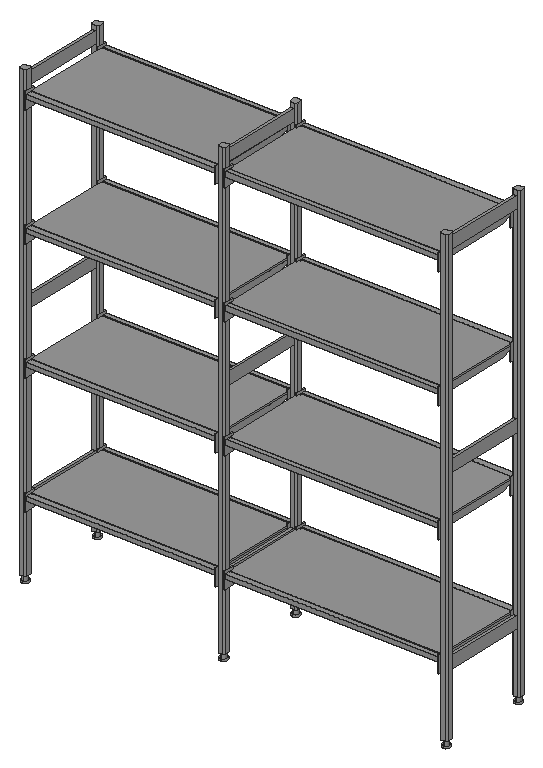
Revit family "QF_ZANUSSI_137019_ALS1606", category Attrezzature speciali, Revit 2020
Family settings
  Quota connettore circolare = Usa diametro
  Tipo di parte = Normale
  Basato su piano di lavoro = No
  Sempre verticale = Sì
  Taglio con vuoti quando caricato = No
  Condiviso = No
  Punto di calcolo locali = No
Parameters (values of type "Standard")
  Weight = 29.00 kg
  Watts = 0 W
  Volts = 0 V
  URL Manufacturer = "http://www.zanussiprofessional.com"
  URL = "http://www.zanussiprofessional.com"
  Steam Supply Size = 0 mm
  Steam Supply Minimum Pressure = 0.0 Pa
  Steam Supply Maximum Pressure = 0.0 Pa
  Steam Consumption per Hour = 0
  Refrigeration Suction Line Size = 0.0 mm
  Refrigeration Liquid Line Size = 0.0 mm
  Refrigerant Compressor Remote = yes
  Prospetto di default = 0.0 mm
  Phase = 0
  Modello = "ALS1606"
  Produttore = "Zanussi"
  Length Actual = 1606.0 mm  # constant formula
  Item Number = "137019"
  Hot Water Size = 0 mm
  Height Actual = 1700.0 mm  # constant formula
  HP = "0 HP"
  Gas Size = 0 mm
  Gas KW = 0
  Gas Input Pressure = 0 W
  Direct Waste Size = 0 mm
  Descrizione = "ALUM.LINEAR SHELV.-POLY.TIERS-373X1606MM"
  Depth Actual = 373.0 mm  # constant formula
  Cycle = 0 Hz
  Condensate Return Size = 0 mm
  Compressed Air Volume = 0.0 L/s
  Compressed Air Size = 0 mm
  Compressed Air Pressure = 0.0 Pa
  Cold Water Size = 0 mm
  Accessory = yes
Reference planes
  plane 1: z = 0
  plane 2 "CenterLeft": x = -31
  plane 3 "LEFT": x = -417
  plane 4 "BACK": y = 23
  plane 5 "FRONT": y = -350
  plane 6 "TOP": z = 1700
  plane 7: x = -385
  plane 8: x = 323
  plane 9 "Center (Front/Back)": y = -163.5
  plane 10: y = -8.5
  plane 11: y = -318.5
  plane 12 "FEET": z = 25
  plane 13: z = 275
  plane 14: z = 725
  plane 15: z = 1175
  plane 16: z = 1625
  plane 17 "CXLeft": x = -403
  plane 18 "Center (Left/Right)": x = 341
  plane 19: y = 5.5
  plane 20 "CYBack": y = 5.5
  plane 21 "CYFront": y = -332.5
  plane 22 "RIGHT": x = 1189
  plane 23: x = 1157
  plane 24 "CXRight": x = 1175
  plane 25: x = 359
Forms (mm)
  Extrusion 1, solid, material "QF_Aluminum"
    sketch origin (-417, 0, -4.006) x (0, 1, 0) y (0, 0, 1)
      loop
        line (-12, 1637.003) -> (4, 1637.003) -> (4, 1655) -> (2.007, 1655) -> (2.007, 1648.501) -> (-329, 1648.501) -> (-329, 1655) -> (-331, 1655) -> (-331, 1637.003) -> (-315, 1637.003) -> (-281, 1625) -> (-46, 1625) -> (-12, 1637.003)
      loop
        line (-12, 1187.003) -> (4, 1187.003) -> (4, 1205) -> (2.007, 1205) -> (2.007, 1198.501) -> (-329, 1198.501) -> (-329, 1205) -> (-331, 1205) -> (-331, 1187.003) -> (-315, 1187.003) -> (-281, 1175) -> (-46, 1175) -> (-12, 1187.003)
      loop
        line (-12, 737.003) -> (4, 737.003) -> (4, 755) -> (2.007, 755) -> (2.007, 748.501) -> (-329, 748.501) -> (-329, 755) -> (-331, 755) -> (-331, 737.003) -> (-315, 737.003) -> (-281, 725) -> (-46, 725) -> (-12, 737.003)
      loop
        line (-12, 287.003) -> (4, 287.003) -> (4, 305) -> (2.007, 305) -> (2.007, 298.501) -> (-329, 298.501) -> (-329, 305) -> (-331, 305) -> (-331, 287.003) -> (-315, 287.003) -> (-281, 275) -> (-46, 275) -> (-12, 287.003)
    from 37 to 32
  Extrusion 2, solid, material "QF_Aluminum"
    sketch origin (-417, 0, 0) x (0, 1, 0) y (0, 0, 1)
      loop
        line (23, 246.005) -> (23, 307.993) -> (-12.993, 307.993) -> (-12.993, 246.005) -> (23, 246.005)
      loop
        line (-350, 246.005) -> (-314.007, 246.005) -> (-314.007, 307.993) -> (-350, 307.993) -> (-350, 246.005)
      loop
        line (23, 696.005) -> (23, 757.993) -> (-12.993, 757.993) -> (-12.993, 696.005) -> (23, 696.005)
      loop
        line (-350, 696.005) -> (-314.007, 696.005) -> (-314.007, 757.993) -> (-350, 757.993) -> (-350, 696.005)
      loop
        line (23, 1146.005) -> (23, 1207.993) -> (-12.993, 1207.993) -> (-12.993, 1146.005) -> (23, 1146.005)
      loop
        line (-350, 1146.005) -> (-314.007, 1146.005) -> (-314.007, 1207.993) -> (-350, 1207.993) -> (-350, 1146.005)
      loop
        line (23, 1596.005) -> (23, 1657.993) -> (-12.993, 1657.993) -> (-12.993, 1596.005) -> (23, 1596.005)
      loop
        line (-350, 1596.005) -> (-314.007, 1596.005) -> (-314.007, 1657.993) -> (-350, 1657.993) -> (-350, 1596.005)
    from 28 to 32
  Extrusion 3, solid, material "QF_Aluminum"
    sketch origin (-417, 0, 0) x (0, 1, 0) y (0, 0, 1)
      loop
        line (4, 1650.994) -> (4, 1632.998) -> (23, 1632.998) -> (23, 1650.994) -> (4, 1650.994)
      loop
        line (-331, 1650.994) -> (-350, 1650.994) -> (-350, 1632.998) -> (-331, 1632.998) -> (-331, 1650.994)
      loop
        line (4, 1200.994) -> (4, 1182.998) -> (23, 1182.998) -> (23, 1200.994) -> (4, 1200.994)
      loop
        line (-331, 1200.994) -> (-350, 1200.994) -> (-350, 1182.998) -> (-331, 1182.998) -> (-331, 1200.994)
      loop
        line (4, 750.994) -> (4, 732.998) -> (23, 732.998) -> (23, 750.994) -> (4, 750.994)
      loop
        line (-331, 750.994) -> (-350, 750.994) -> (-350, 732.998) -> (-331, 732.998) -> (-331, 750.994)
      loop
        line (4, 300.994) -> (4, 282.998) -> (23, 282.998) -> (23, 300.994) -> (4, 300.994)
      loop
        line (-331, 300.994) -> (-350, 300.994) -> (-350, 282.998) -> (-331, 282.998) -> (-331, 300.994)
    from 32 to 740
  Extrusion 4, solid, material "QF_Polyethylene"
    sketch origin (-417, 0, 0) x (0, 1, 0) y (0, 0, 1)
      loop
        line (2.007, 1650.994) -> (-329, 1650.994) -> (-329, 1644.496) -> (2.007, 1644.496) -> (2.007, 1650.994)
      loop
        line (2.007, 1200.994) -> (-329, 1200.994) -> (-329, 1194.496) -> (2.007, 1194.496) -> (2.007, 1200.994)
      loop
        line (2.007, 750.994) -> (-329, 750.994) -> (-329, 744.496) -> (2.007, 744.496) -> (2.007, 750.994)
      loop
        line (2.007, 300.994) -> (-329, 300.994) -> (-329, 294.496) -> (2.007, 294.496) -> (2.007, 300.994)
    from 32 to 740
  Extrusion 5, solid, material "QF_Aluminum"
    sketch origin (1189, 0, 0) x (0, 1, 0) y (0, 0, 1)
      loop
        line (4, 1650.994) -> (4, 1632.998) -> (23, 1632.998) -> (23, 1650.994) -> (4, 1650.994)
      loop
        line (-331, 1650.994) -> (-350, 1650.994) -> (-350, 1632.998) -> (-331, 1632.998) -> (-331, 1650.994)
      loop
        line (4, 1200.994) -> (4, 1182.998) -> (23, 1182.998) -> (23, 1200.994) -> (4, 1200.994)
      loop
        line (-331, 1200.994) -> (-350, 1200.994) -> (-350, 1182.998) -> (-331, 1182.998) -> (-331, 1200.994)
      loop
        line (4, 750.994) -> (4, 732.998) -> (23, 732.998) -> (23, 750.994) -> (4, 750.994)
      loop
        line (-331, 750.994) -> (-350, 750.994) -> (-350, 732.998) -> (-331, 732.998) -> (-331, 750.994)
      loop
        line (4, 300.994) -> (4, 282.998) -> (23, 282.998) -> (23, 300.994) -> (4, 300.994)
      loop
        line (-331, 300.994) -> (-350, 300.994) -> (-350, 282.998) -> (-331, 282.998) -> (-331, 300.994)
    from -32 to -830
  Extrusion 6, solid, material "QF_Polyethylene"
    sketch origin (1189, 0, 0) x (0, 1, 0) y (0, 0, 1)
      loop
        line (2.007, 1650.994) -> (-329, 1650.994) -> (-329, 1644.496) -> (2.007, 1644.496) -> (2.007, 1650.994)
      loop
        line (2.007, 1200.994) -> (-329, 1200.994) -> (-329, 1194.496) -> (2.007, 1194.496) -> (2.007, 1200.994)
      loop
        line (2.007, 750.994) -> (-329, 750.994) -> (-329, 744.496) -> (2.007, 744.496) -> (2.007, 750.994)
      loop
        line (2.007, 300.994) -> (-329, 300.994) -> (-329, 294.496) -> (2.007, 294.496) -> (2.007, 300.994)
    from -32 to -830
Lines and regions (mm)
  symbolic lines
    curve 1: line (323, 4, 1700) -> (-385, 4, 1700)
    curve 2: line (-408, -8.5, 1700) -> (-408, -318.5, 1700)
    curve 3: line (-398, -318.5, 1700) -> (-398, -8.5, 1700)
    curve 4: line (-389, 23, 1700) -> (327, 23, 1700)
    curve 5: line (-385, -350, 1700) -> (323, -350, 1700)
    curve 6: line (355, 23, 1700) -> (1161, 23, 1700)
    curve 7: line (355, -350, 1700) -> (1161, -350, 1700)
    curve 8: line (-385, -331, 1700) -> (323, -331, 1700)
    curve 9: line (359, -331, 1700) -> (1157, -331, 1700)
    curve 10: line (359, 4, 1700) -> (1157, 4, 1700)
    curve 11: line (1157, -12.993, 1700) -> (1157, -314.007, 1700)
    curve 12: line (323, -12.993, 1700) -> (323, -314.007, 1700)
    curve 13: line (359, -314.007, 1700) -> (359, -12.993, 1700)
    curve 14: line (-385, -12.993, 1700) -> (-385, -314.007, 1700)
Dimensions and locks
  plane 3 "LEFT" to plane 2 "CenterLeft" = 386.0 mm
  locked: plane 6 "TOP" to level at 1700
  locked: plane 4 "BACK" to plane 5 "FRONT" at 373
  locked: plane 7 to plane 8 at 708
  locked: plane 10 to plane 11 at 310
  equal spacing: plane 10, plane 9 "Center (Front/Back)", plane 11
  equal spacing: plane 4 "BACK", plane 9 "Center (Front/Back)", plane 5 "FRONT"
  plane 12 "FEET" to level = 25.0 mm
  plane 6 "TOP" to plane 12 "FEET" = 1675.0 mm
  plane 13 to plane 12 "FEET" = 250.0 mm
  plane 14 to plane 13 = 450.0 mm
  plane 15 to plane 14 = 450.0 mm
  plane 16 to plane 15 = 450.0 mm
  locked: plane 4 "BACK" to plane 20 "CYBack" at 17.5
  locked: plane 21 "CYFront" to plane 5 "FRONT" at 17.5
  locked: plane 4 "BACK" to Extrusion 1 at 19
  locked: Extrusion 1 to plane 5 "FRONT" at 19
  Extrusion 1 sketch curve to plane 21 "CYFront" = 3.5 mm
  plane 3 "LEFT" to plane 22 "RIGHT" = 1606.0 mm
  locked: plane 25 to plane 23 at 798
  locked: plane 8 to plane 18 "Center (Left/Right)" at 18
  locked: plane 18 "Center (Left/Right)" to plane 25 at 18
  locked: plane 3 "LEFT" to plane 7 at 32
  locked: plane 24 "CXRight" to plane 22 "RIGHT" at 14
  aligned and locked: level to plane 1
  aligned and locked: plane 7 to Extrusion 1
  aligned and locked: Extrusion 2 to plane 7
  aligned and locked: plane 7 to Extrusion 4
  aligned and locked: Extrusion 4 to plane 8
  aligned and locked: plane 7 to Extrusion 3
  aligned and locked: Extrusion 3 to plane 8
  aligned and locked: Extrusion 3 sketch curve to Extrusion 1
  aligned and locked: Extrusion 1 to Extrusion 3 sketch curve
  aligned and locked: Extrusion 3 sketch curve to Extrusion 3 sketch curve  (x2)
  aligned and locked: Extrusion 1 sketch curve to Extrusion 1 sketch curve  (x3)
  aligned and locked: Extrusion 4 sketch curve to Extrusion 1  (x4)
  aligned and locked: Extrusion 5 sketch curve to Extrusion 5 sketch curve  (x2)
  aligned and locked: Extrusion 5 to plane 25
  aligned and locked: Extrusion 6 to plane 25
  aligned and locked: plane 18 "Center (Left/Right)" to nested 3
  aligned and locked: plane 17 "CXLeft" to nested 1
  aligned and locked: Extrusion 3 to plane 7  (x3)
  aligned and locked: plane 8 to Extrusion 3  (x4)
  aligned and locked: plane 25 to Extrusion 5  (x4)
  aligned and locked: plane 25 to Extrusion 6  (x4)
  aligned and locked: plane 8 to Extrusion 4  (x4)
  aligned and locked: plane 24 "CXRight" to nested 2
  aligned and locked: Extrusion 5 to plane 23
  aligned and locked: Extrusion 6 to plane 23
  aligned and locked: plane 23 to Extrusion 5  (x3)
  aligned and locked: plane 23 to Extrusion 6  (x3)
Automatic sketch dimensions
  plane 21 "CYFront" to Extrusion 1 sketch curve = 1.5 mm  (x4)
  plane 11 to Extrusion 1 sketch curve = 3.5 mm  (x4)
  Extrusion 1 sketch curve to plane 13 = 4.006 mm
  Extrusion 1 sketch curve to Extrusion 1 sketch curve = 34.0 mm  (x4)
  Extrusion 1 sketch curve to plane 14 = 4.006 mm
  Extrusion 1 sketch curve to plane 15 = 4.006 mm
  Extrusion 1 sketch curve to plane 16 = 4.006 mm
  Extrusion 1 sketch curve to plane 10 = 37.5 mm  (x4)
  Extrusion 1 sketch curve to plane 10 = 3.5 mm  (x4)
  plane 19 to Extrusion 1 sketch curve = 3.493 mm  (x4)
  plane 19 to Extrusion 1 sketch curve = 1.5 mm  (x4)
  plane 13 to Extrusion 1 sketch curve = 7.998 mm  (x2)
  Extrusion 1 sketch curve to Extrusion 1 sketch curve = 11.498 mm  (x4)
  Extrusion 1 sketch curve to Extrusion 1 sketch curve = 6.499 mm  (x8)
  plane 14 to Extrusion 1 sketch curve = 7.998 mm  (x2)
  plane 15 to Extrusion 1 sketch curve = 7.998 mm  (x2)
  plane 16 to Extrusion 1 sketch curve = 7.998 mm  (x2)
  Extrusion 2 sketch curve to plane 5 "FRONT" = 0.0 mm  (x4)
  Extrusion 2 sketch curve to plane 4 "BACK" = 0.0 mm  (x4)
  plane 11 to Extrusion 2 sketch curve = 4.493 mm  (x4)
  Extrusion 2 sketch curve to plane 10 = 4.493 mm  (x4)
  Extrusion 2 sketch curve to plane 13 = 28.995 mm  (x2)
  plane 13 to Extrusion 2 sketch curve = 32.993 mm  (x2)
  Extrusion 2 sketch curve to plane 14 = 28.995 mm  (x2)
  plane 14 to Extrusion 2 sketch curve = 32.993 mm  (x2)
  Extrusion 2 sketch curve to plane 15 = 28.995 mm  (x2)
  plane 15 to Extrusion 2 sketch curve = 32.993 mm  (x2)
  Extrusion 2 sketch curve to plane 16 = 28.995 mm  (x2)
  plane 16 to Extrusion 2 sketch curve = 32.993 mm  (x2)
  Extrusion 3 sketch curve to plane 5 "FRONT" = 0.0 mm  (x4)
  Extrusion 3 sketch curve to plane 4 "BACK" = 0.0 mm  (x4)
  plane 19 to Extrusion 3 sketch curve = 1.5 mm  (x4)
  plane 13 to Extrusion 3 sketch curve = 7.998 mm  (x2)
  Extrusion 3 sketch curve to Extrusion 3 sketch curve = 17.997 mm  (x8)
  plane 14 to Extrusion 3 sketch curve = 7.998 mm  (x2)
  plane 15 to Extrusion 3 sketch curve = 7.998 mm  (x2)
  plane 16 to Extrusion 3 sketch curve = 7.998 mm  (x2)
  plane 19 to Extrusion 4 sketch curve = 3.493 mm  (x4)
  plane 13 to Extrusion 4 sketch curve = 19.496 mm
  Extrusion 4 sketch curve to Extrusion 4 sketch curve = 6.499 mm  (x4)
  plane 14 to Extrusion 4 sketch curve = 19.496 mm
  plane 15 to Extrusion 4 sketch curve = 19.496 mm
  plane 16 to Extrusion 4 sketch curve = 19.496 mm
  Extrusion 5 sketch curve to plane 5 "FRONT" = 0.0 mm  (x4)
  Extrusion 5 sketch curve to plane 4 "BACK" = 0.0 mm  (x4)
  plane 21 "CYFront" to Extrusion 5 sketch curve = 1.5 mm  (x2)
  plane 19 to Extrusion 5 sketch curve = 1.5 mm  (x4)
  plane 13 to Extrusion 5 sketch curve = 7.998 mm  (x2)
  Extrusion 5 sketch curve to Extrusion 5 sketch curve = 17.997 mm  (x8)
  plane 14 to Extrusion 5 sketch curve = 7.998 mm  (x2)
  plane 15 to Extrusion 5 sketch curve = 7.998 mm  (x2)
  plane 16 to Extrusion 5 sketch curve = 7.998 mm  (x2)
  plane 21 "CYFront" to Extrusion 6 sketch curve = 3.5 mm  (x4)
  plane 19 to Extrusion 6 sketch curve = 3.493 mm  (x4)
  plane 13 to Extrusion 6 sketch curve = 19.496 mm
  Extrusion 6 sketch curve to Extrusion 6 sketch curve = 6.499 mm  (x4)
  plane 14 to Extrusion 6 sketch curve = 19.496 mm
  plane 15 to Extrusion 6 sketch curve = 19.496 mm
  plane 16 to Extrusion 6 sketch curve = 19.496 mm
  curve 7 to plane 5 "FRONT" = 0.0 mm
  curve 5 to plane 5 "FRONT" = 0.0 mm
  curve 8 to plane 8 = 0.0 mm
  curve 9 to plane 25 = 0.0 mm
  curve 9 to plane 23 = 0.0 mm
  curve 8 to plane 7 = 0.0 mm
  curve 2 to plane 11 = 0.0 mm
  curve 3 to plane 11 = 0.0 mm
  curve 14 to plane 7 = 0.0 mm
  curve 13 to plane 25 = 0.0 mm
  curve 12 to plane 8 = 0.0 mm
  curve 11 to plane 23 = 0.0 mm
  curve 3 to plane 10 = 0.0 mm
  curve 2 to plane 10 = 0.0 mm
  curve 1 to plane 8 = 0.0 mm
  curve 1 to plane 7 = 0.0 mm
  curve 10 to plane 23 = 0.0 mm
  curve 10 to plane 25 = 0.0 mm
  curve 4 to plane 4 "BACK" = 0.0 mm
  curve 6 to plane 4 "BACK" = 0.0 mm
  curve 5 to plane 8 = 0.0 mm
  curve 5 to plane 7 = 0.0 mm
  plane 21 "CYFront" to curve 8 = 1.5 mm
  plane 21 "CYFront" to curve 9 = 1.5 mm
  plane 11 to curve 14 = 4.493 mm
  plane 11 to curve 13 = 4.493 mm
  plane 11 to curve 12 = 4.493 mm
  plane 11 to curve 11 = 4.493 mm
  curve 14 to plane 10 = 4.493 mm
  curve 13 to plane 10 = 4.493 mm
  curve 12 to plane 10 = 4.493 mm
  curve 11 to plane 10 = 4.493 mm
  plane 19 to curve 1 = 1.5 mm
  plane 19 to curve 10 = 1.5 mm
  curve 6 to plane 23 = 4.0 mm
  curve 7 to plane 23 = 4.0 mm
  curve 6 to plane 25 = 4.0 mm
  curve 7 to plane 25 = 4.0 mm
  curve 4 to plane 8 = 4.0 mm
  plane 7 to curve 4 = 4.0 mm
  plane 17 "CXLeft" to curve 3 = 5.0 mm
  curve 2 to plane 17 "CXLeft" = 5.0 mm
Nested families
  nested 1: "WT_Anta373" at (0, 0, 0), type "WT_Anta373"
  nested 2: "WT_Anta373" at (772, 0, 0) x (-1, 0, 0) z (0, 0, 1), type "WT_Anta373"
  nested 3: "WT_Anta373Center" at (744, 0, 0), type "WT_Anta373Center"
Definition of nested family "WT_Anta373"
  Parameters
    WidthLeft = A + 64.0 mm  # 772.0 mm
    Width = 1606.0 mm
    Right = WidthLeft / 2  # 386.0 mm
    Default Elevation = 0.0 mm
    Left = -WidthLeft / 2  # -386.0 mm
    Height = 1725.0 mm
    FEET = 25.0 mm
    E = 0.0 mm
    Dint = Depth - 63.0 mm  # 310.0 mm
    Dext = Depth - 8.0 mm  # 365.0 mm
    Depth = 373.0 mm
    DX = (WidthLeft - A) / 2  # 32.0 mm
    B = 798.0 mm
    A = 708.0 mm
  Reference planes
    plane 1: z = 0
    plane 2 "LEFT": x = -417
    plane 3 "BACK": y = 23
    plane 4 "FRONT": y = -350
    plane 5 "TOP": z = 1725
    plane 6 "Center (Front/Back)": y = -163.5
    plane 7: y = -8.5
    plane 8: y = -318.5
    plane 9 "FEET": z = 25
    plane 10: z = 275
    plane 11: z = 725
    plane 12: z = 1175
    plane 13: z = 1625
    plane 14 "CXLeft": x = -403
    plane 15: y = 5.5
    plane 16 "CYBack": y = 5.5
    plane 17 "CYFront": y = -332.5
    plane 18: x = -385.031
    plane 19: x = -380.031
  Forms (mm)
    Extrusion 1, solid
      sketch origin (0, 0, 0) x (1, 0, 0) y (0, 1, 0)
        loop
          line (-417, 13.246) -> (-417, -2.246) -> (-410.746, -8.5) -> (-395.254, -8.5) -> (-389, -2.246) -> (-389, 13.246) -> (-395.254, 19.5) -> (-410.746, 19.5) -> (-417, 13.246)
      from 1725 to 25
    Extrusion 2, solid
      sketch origin (-417, 0, 0) x (0, 1, 0) y (0, 0, 1)
        loop
          line (23, 246.005) -> (23, 307.993) -> (-12.993, 307.993) -> (-12.993, 246.005) -> (23, 246.005)
        loop
          line (-350, 246.005) -> (-314.007, 246.005) -> (-314.007, 307.993) -> (-350, 307.993) -> (-350, 246.005)
        loop
          line (23, 696.005) -> (23, 757.993) -> (-12.993, 757.993) -> (-12.993, 696.005) -> (23, 696.005)
        loop
          line (-350, 696.005) -> (-314.007, 696.005) -> (-314.007, 757.993) -> (-350, 757.993) -> (-350, 696.005)
        loop
          line (23, 1146.005) -> (23, 1207.993) -> (-12.993, 1207.993) -> (-12.993, 1146.005) -> (23, 1146.005)
        loop
          line (-350, 1146.005) -> (-314.007, 1146.005) -> (-314.007, 1207.993) -> (-350, 1207.993) -> (-350, 1146.005)
        loop
          line (23, 1596.005) -> (23, 1657.993) -> (-12.993, 1657.993) -> (-12.993, 1596.005) -> (23, 1596.005)
        loop
          line (-350, 1596.005) -> (-314.007, 1596.005) -> (-314.007, 1657.993) -> (-350, 1657.993) -> (-350, 1596.005)
      from 28 to 32
    Revolve 3, solid
      sketch origin (-403, 0, 0) x (0, 1, 0) y (0, 0, 1)
        loop
          line (5.5, 25) -> (5.5, 0) -> (19, 0) -> (19, 5) -> (14, 5) -> (14, 25) -> (5.5, 25)
        axis (5.5, 25) -> (5.5, 0)
      angle from 0 to 360
    Extrusion 4, solid
      sketch origin (-403, 0, 0) x (0, 1, 0) y (0, 0, 1)
        loop
          line (-8.5, 912.382) -> (-8.5, 957.374) -> (-318.5, 957.374) -> (-318.5, 912.382) -> (-8.5, 912.382)
        loop
          line (-8.5, 1662.244) -> (-8.5, 1707.236) -> (-318.5, 1707.236) -> (-318.5, 1662.244) -> (-8.5, 1662.244)
      from -5 to 5
    Revolve 5, solid
      sketch origin (-403, -627, 0) x (0, -1, 0) y (0, 0, 1)
        loop
          line (-294.5, 25) -> (-294.5, 0) -> (-281, 0) -> (-281, 5) -> (-286, 5) -> (-286, 25) -> (-294.5, 25)
        axis (-294.5, 25) -> (-294.5, 0)
      angle from 0 to 360
    Extrusion 6, solid
      sketch origin (0, -627, 0) x (1, 0, 0) y (0, 1, 0)
        loop
          line (-417, 286.754) -> (-410.746, 280.5) -> (-395.254, 280.5) -> (-389, 286.754) -> (-389, 302.246) -> (-395.254, 308.5) -> (-410.746, 308.5) -> (-417, 302.246) -> (-417, 286.754)
      from 1725 to 25
    Extrusion 7, solid
      sketch origin (-417.031, -0.022, 0) x (0, 1, 0) y (0, 0, -1)
        loop
          line (-12, -1632.998) -> (-46, -1620.994) -> (-281, -1620.994) -> (-315, -1632.998) -> (-331, -1632.998) -> (-331, -1650.994) -> (-329, -1650.994) -> (-329, -1644.496) -> (2.007, -1644.496) -> (2.007, -1650.994) -> (4, -1650.994) -> (4, -1632.998) -> (-12, -1632.998)
        loop
          line (-12, -1182.998) -> (-46, -1170.994) -> (-281, -1170.994) -> (-315, -1182.998) -> (-331, -1182.998) -> (-331, -1200.994) -> (-329, -1200.994) -> (-329, -1194.496) -> (2.007, -1194.496) -> (2.007, -1200.994) -> (4, -1200.994) -> (4, -1182.998) -> (-12, -1182.998)
        loop
          line (-12, -732.998) -> (-46, -720.994) -> (-281, -720.994) -> (-315, -732.998) -> (-331, -732.998) -> (-331, -750.994) -> (-329, -750.994) -> (-329, -744.496) -> (2.007, -744.496) -> (2.007, -750.994) -> (4, -750.994) -> (4, -732.998) -> (-12, -732.998)
        loop
          line (-12, -282.998) -> (-46, -270.994) -> (-281, -270.994) -> (-315, -282.998) -> (-331, -282.998) -> (-331, -300.994) -> (-329, -300.994) -> (-329, -294.496) -> (2.007, -294.496) -> (2.007, -300.994) -> (4, -300.994) -> (4, -282.998) -> (-12, -282.998)
      from -32 to -37
    Extrusion 8, solid
      sketch origin (-403, 0, -659.878) x (0, 1, 0) y (0, 0, 1)
        loop
          line (-8.5, 912.382) -> (-8.5, 957.374) -> (-318.5, 957.374) -> (-318.5, 912.382) -> (-8.5, 912.382)
        loop
          line (-8.5, 1572.382) -> (-8.5, 1617.374) -> (-318.5, 1617.374) -> (-318.5, 1572.382) -> (-8.5, 1572.382)
        loop
          line (-8.5, 2322.382) -> (-8.5, 2367.374) -> (-318.5, 2367.374) -> (-318.5, 2322.382) -> (-8.5, 2322.382)
      from -5 to 5
  Lines and regions (mm)
    symbolic lines
      curve 1: line (-408, -8.5, 1725) -> (-408, -318.5, 1725)
      curve 2: line (-398, -318.5, 1725) -> (-398, -8.5, 1725)
      curve 3: line (-395.254, -8.5, 1725) -> (-410.746, -8.5, 1725)
      curve 4: line (-417, -2.246, 1725) -> (-410.746, -8.5, 1725)
      curve 5: line (-417, 13.246, 1725) -> (-417, -2.246, 1725)
      curve 6: line (-410.746, 19.5, 1725) -> (-417, 13.246, 1725)
      curve 7: line (-395.254, 19.5, 1725) -> (-410.746, 19.5, 1725)
      curve 8: line (-389, 13.246, 1725) -> (-395.254, 19.5, 1725)
      curve 9: line (-395.254, -8.5, 1725) -> (-389, -2.246, 1725)
      curve 10: line (-395.254, -318.5, 1725) -> (-410.746, -318.5, 1725)
      curve 11: line (-417, -324.754, 1725) -> (-410.746, -318.5, 1725)
      curve 12: line (-410.746, -346.5, 1725) -> (-417, -340.246, 1725)
      curve 13: line (-395.254, -346.5, 1725) -> (-410.746, -346.5, 1725)
      curve 14: line (-389, -340.246, 1725) -> (-395.254, -346.5, 1725)
      curve 15: line (-395.254, -318.5, 1725) -> (-389, -324.754, 1725)
      curve 16: line (-389, -350, 1725) -> (-389, -314.007, 1725)
      curve 17: line (-389, -314.007, 1725) -> (-385, -314.007, 1725)
      curve 18: line (-389, 23, 1725) -> (-389, -12.993, 1725)
      curve 19: line (-389, -12.993, 1725) -> (-385, -12.993, 1725)
      curve 20: line (-417, -324.754, 1725) -> (-417, -340.246, 1725)
      curve 21: line (-385, -350, 1725) -> (-385, -314.007, 1725)
      curve 22: line (-385, -350, 1725) -> (-389, -350, 1725)
      curve 23: line (-385, 23, 1725) -> (-389, 23, 1725)
      curve 24: line (-385, -12.993, 1725) -> (-385, 23, 1725)
      curve 25: line (-385.031, -13.016, 1725) -> (-385.031, -314.029, 1725)
  Dimensions and locks
    "Height": plane 5 "TOP" to level
    "Depth": plane 3 "BACK" to plane 4 "FRONT"
    "Dint": plane 7 to plane 8
    equal spacing: plane 7, plane 6 "Center (Front/Back)", plane 8
    equal spacing: plane 3 "BACK", plane 6 "Center (Front/Back)", plane 4 "FRONT"
    plane 9 "FEET" to level = 25.0 mm
    plane 5 "TOP" to plane 9 "FEET" = 1700.0 mm
    plane 10 to plane 9 "FEET" = 250.0 mm
    plane 11 to plane 10 = 450.0 mm
    plane 12 to plane 11 = 450.0 mm
    plane 13 to plane 12 = 450.0 mm
    locked: plane 2 "LEFT" to plane 14 "CXLeft" at 14
    locked: plane 3 "BACK" to plane 16 "CYBack" at 17.5
    locked: plane 17 "CYFront" to plane 4 "FRONT" at 17.5
    locked: Revolve 3 sketch curve to Revolve 3 sketch curve at 8.5
    locked: Revolve 3 sketch curve to plane 16 "CYBack" at 13.5
    locked: Revolve 5 sketch curve to Revolve 5 sketch curve at 8.5
    aligned and locked: level to plane 1
    aligned and locked: curve 20 to Extrusion 6
    aligned and locked: plane 5 "TOP" to Extrusion 1
    aligned and locked: plane 5 "TOP" to Extrusion 6
    aligned and locked: Extrusion 7 sketch curve to Extrusion 7 sketch curve  (x3)
  Automatic sketch dimensions
    curve 16 to plane 4 "FRONT" = 0.0 mm
    curve 11 to plane 8 = 0.0 mm
    curve 9 to plane 7 = 0.0 mm
    curve 5 to plane 2 "LEFT" = 0.0 mm
    curve 23 to plane 3 "BACK" = 0.0 mm
    plane 4 "FRONT" to curve 13 = 3.5 mm
    curve 20 to plane 17 "CYFront" = 7.746 mm
    curve 20 to plane 8 = 6.254 mm
    plane 8 to curve 16 = 4.493 mm
    curve 24 to plane 18 = 0.031 mm
    curve 24 to plane 7 = 4.493 mm
    plane 7 to curve 5 = 6.254 mm
    curve 5 to plane 15 = 7.746 mm
    curve 6 to plane 3 "BACK" = 3.5 mm
    curve 21 to plane 18 = 0.031 mm
    plane 18 to curve 23 = 3.969 mm
    plane 18 to curve 16 = 3.969 mm
    curve 18 to curve 8 = 6.254 mm
    curve 18 to curve 3 = 6.254 mm
    curve 16 to curve 13 = 6.254 mm
    curve 16 to curve 15 = 6.254 mm
    plane 2 "LEFT" to curve 10 = 6.254 mm
    plane 2 "LEFT" to curve 7 = 6.254 mm
    plane 2 "LEFT" to curve 12 = 6.254 mm
    plane 2 "LEFT" to curve 3 = 6.254 mm
    curve 14 to plane 17 "CYFront" = 7.746 mm
    curve 15 to plane 8 = 6.254 mm
    plane 7 to curve 9 = 6.254 mm
    curve 8 to plane 15 = 7.746 mm
    curve 3 to curve 2 = 2.746 mm
    curve 1 to curve 10 = 2.746 mm
    Extrusion 1 sketch curve to plane 2 "LEFT" = 0.0 mm
    Extrusion 1 sketch curve to plane 7 = 0.0 mm
    plane 2 "LEFT" to Extrusion 1 sketch curve = 6.254 mm  (x2)
    plane 14 "CXLeft" to Extrusion 1 sketch curve = 7.746 mm  (x2)
    Extrusion 1 sketch curve to plane 3 "BACK" = 3.5 mm
    plane 18 to Extrusion 1 sketch curve = 3.969 mm
    plane 7 to Extrusion 1 sketch curve = 6.254 mm  (x2)
    Extrusion 1 sketch curve to plane 15 = 7.746 mm  (x2)
    Extrusion 2 sketch curve to plane 4 "FRONT" = 0.0 mm  (x4)
    Extrusion 2 sketch curve to plane 3 "BACK" = 0.0 mm  (x4)
    plane 8 to Extrusion 2 sketch curve = 4.493 mm  (x4)
    Extrusion 2 sketch curve to plane 7 = 4.493 mm  (x4)
    Extrusion 2 sketch curve to plane 10 = 28.995 mm  (x2)
    plane 10 to Extrusion 2 sketch curve = 32.993 mm  (x2)
    Extrusion 2 sketch curve to plane 11 = 28.995 mm  (x2)
    plane 11 to Extrusion 2 sketch curve = 32.993 mm  (x2)
    Extrusion 2 sketch curve to plane 12 = 28.995 mm  (x2)
    plane 12 to Extrusion 2 sketch curve = 32.993 mm  (x2)
    Extrusion 2 sketch curve to plane 13 = 28.995 mm  (x2)
    plane 13 to Extrusion 2 sketch curve = 32.993 mm  (x2)
    Revolve 3 sketch curve to plane 9 "FEET" = 0.0 mm  (x2)
    Revolve 3 sketch curve to plane 15 = 0.0 mm  (x2)
    Revolve 3 sketch curve to level = 0.0 mm
    level to Revolve 3 sketch curve = 5.0 mm
    Revolve 3 sketch curve to Revolve 3 sketch curve = 11.655 mm
    Extrusion 4 sketch curve to plane 8 = 0.0 mm  (x2)
    Extrusion 4 sketch curve to plane 7 = 0.0 mm  (x2)
    plane 11 to Extrusion 4 sketch curve = 187.382 mm
    Extrusion 4 sketch curve to Extrusion 4 sketch curve = 44.992 mm
    plane 13 to Extrusion 4 sketch curve = 37.244 mm
    Extrusion 4 sketch curve to plane 5 "TOP" = 17.764 mm
    Revolve 5 sketch curve to plane 9 "FEET" = 0.0 mm  (x2)
    Revolve 5 sketch curve to plane 17 "CYFront" = 0.0 mm  (x2)
    Revolve 5 sketch curve to level = 0.0 mm
    Revolve 5 sketch curve to plane 4 "FRONT" = 4.0 mm
    Revolve 5 sketch curve to Revolve 5 sketch curve = 5.0 mm
    level to Revolve 5 sketch curve = 11.655 mm
    Extrusion 6 sketch curve to plane 2 "LEFT" = 0.0 mm
    Extrusion 6 sketch curve to plane 8 = 0.0 mm
    Extrusion 6 sketch curve to plane 2 "LEFT" = 6.254 mm  (x2)
    Extrusion 6 sketch curve to plane 14 "CXLeft" = 7.746 mm  (x2)
    Extrusion 6 sketch curve to plane 4 "FRONT" = 3.5 mm
    Extrusion 6 sketch curve to plane 18 = 3.969 mm
    plane 8 to Extrusion 6 sketch curve = 6.254 mm  (x2)
    plane 17 "CYFront" to Extrusion 6 sketch curve = 7.746 mm  (x2)
    plane 17 "CYFront" to Extrusion 7 sketch curve = 1.478 mm  (x4)
    Extrusion 7 sketch curve to Extrusion 7 sketch curve = 2.0 mm
    plane 8 to Extrusion 7 sketch curve = 3.478 mm  (x4)
    Extrusion 7 sketch curve to plane 10 = 4.006 mm
    Extrusion 7 sketch curve to Extrusion 7 sketch curve = 34.0 mm  (x4)
    Extrusion 7 sketch curve to plane 11 = 4.006 mm
    Extrusion 7 sketch curve to plane 12 = 4.006 mm
    Extrusion 7 sketch curve to plane 13 = 4.006 mm
    Extrusion 7 sketch curve to plane 7 = 37.522 mm  (x4)
    Extrusion 7 sketch curve to plane 7 = 3.522 mm  (x4)
    plane 15 to Extrusion 7 sketch curve = 3.516 mm  (x4)
    plane 15 to Extrusion 7 sketch curve = 1.522 mm  (x4)
    plane 13 to Extrusion 7 sketch curve = 7.998 mm  (x2)
    Extrusion 7 sketch curve to Extrusion 7 sketch curve = 11.498 mm
    Extrusion 7 sketch curve to Extrusion 7 sketch curve = 6.499 mm  (x5)
    plane 12 to Extrusion 7 sketch curve = 25.994 mm  (x2)
    plane 12 to Extrusion 7 sketch curve = 7.998 mm  (x2)
    plane 11 to Extrusion 7 sketch curve = 25.994 mm  (x2)
    plane 11 to Extrusion 7 sketch curve = 7.998 mm  (x2)
    plane 10 to Extrusion 7 sketch curve = 25.994 mm  (x2)
    plane 10 to Extrusion 7 sketch curve = 7.998 mm  (x2)
    curve 25 to plane 18 = 0.0 mm
    plane 8 to curve 25 = 4.471 mm
    curve 25 to plane 7 = 4.516 mm
    Extrusion 8 sketch curve to plane 8 = 0.0 mm  (x3)
    Extrusion 8 sketch curve to plane 7 = 0.0 mm  (x3)
    Extrusion 8 sketch curve to plane 10 = 22.496 mm
    plane 10 to Extrusion 8 sketch curve = 22.496 mm
    plane 11 to Extrusion 8 sketch curve = 187.504 mm
    Extrusion 8 sketch curve to Extrusion 8 sketch curve = 44.992 mm
    plane 13 to Extrusion 8 sketch curve = 37.504 mm
    Extrusion 8 sketch curve to plane 5 "TOP" = 17.504 mm
Definition of nested family "WT_Anta373Center"
  Parameters
    WidthLeft = A + 64.0 mm  # 772.0 mm
    Width = 1606.0 mm
    Right = WidthLeft / 2  # 386.0 mm
    Default Elevation = 0.0 mm
    Left = -WidthLeft / 2  # -386.0 mm
    Height = 1725.0 mm
    FEET = 25.0 mm
    E = 0.0 mm
    Dint = Depth - 63.0 mm  # 310.0 mm
    Dext = Depth - 8.0 mm  # 365.0 mm
    Depth = 373.0 mm
    DX = (WidthLeft - A) / 2  # 32.0 mm
    B = 798.0 mm
    A = 708.0 mm
  Reference planes
    plane 1: z = 0
    plane 2 "L": x = -417
    plane 3 "BACK": y = 23
    plane 4 "FRONT": y = -350
    plane 5 "TOP": z = 1725
    plane 6 "Center (Front/Back)": y = -163.5
    plane 7: y = -8.5
    plane 8: y = -318.5
    plane 9 "FEET": z = 25
    plane 10: z = 275
    plane 11: z = 725
    plane 12: z = 1175
    plane 13: z = 1625
    plane 14 "CXLeft": x = -403
    plane 15: y = 5.5
    plane 16 "CYBack": y = 5.5
    plane 17 "CYFront": y = -332.5
    plane 18: x = -385.031
    plane 19 "RIGHT": x = -380.031
    plane 20: x = -420.969
    plane 21 "LEFT": x = -425.969
  Forms (mm)
    Extrusion 1, solid
      sketch origin (0, 0, 0) x (1, 0, 0) y (0, 1, 0)
        loop
          line (-417, 13.246) -> (-417, -2.246) -> (-410.746, -8.5) -> (-395.254, -8.5) -> (-389, -2.246) -> (-389, 13.246) -> (-395.254, 19.5) -> (-410.746, 19.5) -> (-417, 13.246)
      from 1725 to 25
    Extrusion 2, solid
      sketch origin (-417, 0, 0) x (0, 1, 0) y (0, 0, 1)
        loop
          line (23, 246.005) -> (23, 307.993) -> (-12.993, 307.993) -> (-12.993, 246.005) -> (23, 246.005)
        loop
          line (-350, 246.005) -> (-314.007, 246.005) -> (-314.007, 307.993) -> (-350, 307.993) -> (-350, 246.005)
        loop
          line (23, 696.005) -> (23, 757.993) -> (-12.993, 757.993) -> (-12.993, 696.005) -> (23, 696.005)
        loop
          line (-350, 696.005) -> (-314.007, 696.005) -> (-314.007, 757.993) -> (-350, 757.993) -> (-350, 696.005)
        loop
          line (23, 1146.005) -> (23, 1207.993) -> (-12.993, 1207.993) -> (-12.993, 1146.005) -> (23, 1146.005)
        loop
          line (-350, 1146.005) -> (-314.007, 1146.005) -> (-314.007, 1207.993) -> (-350, 1207.993) -> (-350, 1146.005)
        loop
          line (23, 1596.005) -> (23, 1657.993) -> (-12.993, 1657.993) -> (-12.993, 1596.005) -> (23, 1596.005)
        loop
          line (-350, 1596.005) -> (-314.007, 1596.005) -> (-314.007, 1657.993) -> (-350, 1657.993) -> (-350, 1596.005)
      from 28 to 32
    Revolve 3, solid
      sketch origin (-403, 0, 0) x (0, 1, 0) y (0, 0, 1)
        loop
          line (5.5, 25) -> (5.5, 0) -> (19, 0) -> (19, 5) -> (14, 5) -> (14, 25) -> (5.5, 25)
        axis (5.5, 25) -> (5.5, 0)
      angle from 0 to 360
    Extrusion 4, solid
      sketch origin (-403, 0, 0) x (0, 1, 0) y (0, 0, 1)
        loop
          line (-8.5, 912.382) -> (-8.5, 957.374) -> (-318.5, 957.374) -> (-318.5, 912.382) -> (-8.5, 912.382)
        loop
          line (-8.5, 1662.244) -> (-8.5, 1707.236) -> (-318.5, 1707.236) -> (-318.5, 1662.244) -> (-8.5, 1662.244)
      from -5 to 5
    Revolve 5, solid
      sketch origin (-403, -627, 0) x (0, -1, 0) y (0, 0, 1)
        loop
          line (-294.5, 25) -> (-294.5, 0) -> (-281, 0) -> (-281, 5) -> (-286, 5) -> (-286, 25) -> (-294.5, 25)
        axis (-294.5, 25) -> (-294.5, 0)
      angle from 0 to 360
    Extrusion 6, solid
      sketch origin (0, -627, 0) x (1, 0, 0) y (0, 1, 0)
        loop
          line (-417, 286.754) -> (-410.746, 280.5) -> (-395.254, 280.5) -> (-389, 286.754) -> (-389, 302.246) -> (-395.254, 308.5) -> (-410.746, 308.5) -> (-417, 302.246) -> (-417, 286.754)
      from 1725 to 25
    Extrusion 7, solid
      sketch origin (-417.031, -0.022, 0) x (0, 1, 0) y (0, 0, -1)
        loop
          line (-12, -1632.998) -> (-46, -1620.994) -> (-281, -1620.994) -> (-315, -1632.998) -> (-331, -1632.998) -> (-331, -1650.994) -> (-329, -1650.994) -> (-329, -1644.496) -> (2.007, -1644.496) -> (2.007, -1650.994) -> (4, -1650.994) -> (4, -1632.998) -> (-12, -1632.998)
        loop
          line (-12, -1182.998) -> (-46, -1170.994) -> (-281, -1170.994) -> (-315, -1182.998) -> (-331, -1182.998) -> (-331, -1200.994) -> (-329, -1200.994) -> (-329, -1194.496) -> (2.007, -1194.496) -> (2.007, -1200.994) -> (4, -1200.994) -> (4, -1182.998) -> (-12, -1182.998)
        loop
          line (-12, -732.998) -> (-46, -720.994) -> (-281, -720.994) -> (-315, -732.998) -> (-331, -732.998) -> (-331, -750.994) -> (-329, -750.994) -> (-329, -744.496) -> (2.007, -744.496) -> (2.007, -750.994) -> (4, -750.994) -> (4, -732.998) -> (-12, -732.998)
        loop
          line (-12, -282.998) -> (-46, -270.994) -> (-281, -270.994) -> (-315, -282.998) -> (-331, -282.998) -> (-331, -300.994) -> (-329, -300.994) -> (-329, -294.496) -> (2.007, -294.496) -> (2.007, -300.994) -> (4, -300.994) -> (4, -282.998) -> (-12, -282.998)
      from -32 to -37
    Extrusion 8, solid
      sketch origin (-403, 0, -659.878) x (0, 1, 0) y (0, 0, 1)
        loop
          line (-8.5, 912.382) -> (-8.5, 957.374) -> (-318.5, 957.374) -> (-318.5, 912.382) -> (-8.5, 912.382)
        loop
          line (-8.5, 1572.382) -> (-8.5, 1617.374) -> (-318.5, 1617.374) -> (-318.5, 1572.382) -> (-8.5, 1572.382)
        loop
          line (-8.5, 2322.382) -> (-8.5, 2367.374) -> (-318.5, 2367.374) -> (-318.5, 2322.382) -> (-8.5, 2322.382)
      from -5 to 5
    Extrusion 9, solid
      sketch origin (-389, 0, 0) x (0, 1, 0) y (0, 0, -1)
        loop
          line (23, -246.005) -> (-12.993, -246.005) -> (-12.993, -307.993) -> (23, -307.993) -> (23, -246.005)
        loop
          line (-350, -246.005) -> (-350, -307.993) -> (-314.007, -307.993) -> (-314.007, -246.005) -> (-350, -246.005)
        loop
          line (23, -696.005) -> (-12.993, -696.005) -> (-12.993, -757.993) -> (23, -757.993) -> (23, -696.005)
        loop
          line (-350, -696.005) -> (-350, -757.993) -> (-314.007, -757.993) -> (-314.007, -696.005) -> (-350, -696.005)
        loop
          line (23, -1146.005) -> (-12.993, -1146.005) -> (-12.993, -1207.993) -> (23, -1207.993) -> (23, -1146.005)
        loop
          line (-350, -1146.005) -> (-350, -1207.993) -> (-314.007, -1207.993) -> (-314.007, -1146.005) -> (-350, -1146.005)
        loop
          line (23, -1596.005) -> (-12.993, -1596.005) -> (-12.993, -1657.993) -> (23, -1657.993) -> (23, -1596.005)
        loop
          line (-350, -1596.005) -> (-350, -1657.993) -> (-314.007, -1657.993) -> (-314.007, -1596.005) -> (-350, -1596.005)
      from 28 to 32
    Extrusion 10, solid
      sketch origin (-388.969, -0.022, 0) x (0, 1, 0) y (0, 0, 1)
        loop
          line (-12, 1632.998) -> (4, 1632.998) -> (4, 1650.994) -> (2.007, 1650.994) -> (2.007, 1644.496) -> (-329, 1644.496) -> (-329, 1650.994) -> (-331, 1650.994) -> (-331, 1632.998) -> (-315, 1632.998) -> (-281, 1620.994) -> (-46, 1620.994) -> (-12, 1632.998)
        loop
          line (-12, 1182.998) -> (4, 1182.998) -> (4, 1200.994) -> (2.007, 1200.994) -> (2.007, 1194.496) -> (-329, 1194.496) -> (-329, 1200.994) -> (-331, 1200.994) -> (-331, 1182.998) -> (-315, 1182.998) -> (-281, 1170.994) -> (-46, 1170.994) -> (-12, 1182.998)
        loop
          line (-12, 732.998) -> (4, 732.998) -> (4, 750.994) -> (2.007, 750.994) -> (2.007, 744.496) -> (-329, 744.496) -> (-329, 750.994) -> (-331, 750.994) -> (-331, 732.998) -> (-315, 732.998) -> (-281, 720.994) -> (-46, 720.994) -> (-12, 732.998)
        loop
          line (-12, 282.998) -> (4, 282.998) -> (4, 300.994) -> (2.007, 300.994) -> (2.007, 294.496) -> (-329, 294.496) -> (-329, 300.994) -> (-331, 300.994) -> (-331, 282.998) -> (-315, 282.998) -> (-281, 270.994) -> (-46, 270.994) -> (-12, 282.998)
      from -32 to -37
  Lines and regions (mm)
    symbolic lines
      curve 1: line (-408, -8.5, 1725) -> (-408, -318.5, 1725)
      curve 2: line (-398, -318.5, 1725) -> (-398, -8.5, 1725)
      curve 3: line (-395.254, -8.5, 1725) -> (-410.746, -8.5, 1725)
      curve 4: line (-417, -2.246, 1725) -> (-410.746, -8.5, 1725)
      curve 5: line (-410.746, 19.5, 1725) -> (-417, 13.246, 1725)
      curve 6: line (-395.254, 19.5, 1725) -> (-410.746, 19.5, 1725)
      curve 7: line (-389, 13.246, 1725) -> (-395.254, 19.5, 1725)
      curve 8: line (-395.254, -8.5, 1725) -> (-389, -2.246, 1725)
      curve 9: line (-395.254, -318.5, 1725) -> (-410.746, -318.5, 1725)
      curve 10: line (-417, -324.754, 1725) -> (-410.746, -318.5, 1725)
      curve 11: line (-410.746, -346.5, 1725) -> (-417, -340.246, 1725)
      curve 12: line (-395.254, -346.5, 1725) -> (-410.746, -346.5, 1725)
      curve 13: line (-389, -340.246, 1725) -> (-395.254, -346.5, 1725)
      curve 14: line (-395.254, -318.5, 1725) -> (-389, -324.754, 1725)
      curve 15: line (-389, -350, 1725) -> (-389, -314.007, 1725)
      curve 16: line (-389, -314.007, 1725) -> (-385, -314.007, 1725)
      curve 17: line (-389, 23, 1725) -> (-389, -12.993, 1725)
      curve 18: line (-389, -12.993, 1725) -> (-385, -12.993, 1725)
      curve 19: line (-385, -350, 1725) -> (-385, -314.007, 1725)
      curve 20: line (-385, -350, 1725) -> (-389, -350, 1725)
      curve 21: line (-385, 23, 1725) -> (-389, 23, 1725)
      curve 22: line (-385, -12.993, 1725) -> (-385, 23, 1725)
      curve 23: line (-385.031, -13.016, 1725) -> (-385.031, -314.029, 1725)
      curve 24: line (-417, -350, 1725) -> (-417, -314.007, 1725)
      curve 25: line (-417, -314.007, 1725) -> (-421, -314.007, 1725)
      curve 26: line (-417, 23, 1725) -> (-417, -12.993, 1725)
      curve 27: line (-417, -12.993, 1725) -> (-421, -12.993, 1725)
      curve 28: line (-421, -350, 1725) -> (-421, -314.007, 1725)
      curve 29: line (-421, -350, 1725) -> (-417, -350, 1725)
      curve 30: line (-421, 23, 1725) -> (-417, 23, 1725)
      curve 31: line (-421, -12.993, 1725) -> (-421, 23, 1725)
      curve 32: line (-420.969, -13.016, 1725) -> (-420.969, -314.029, 1725)
  Dimensions and locks
    "Height": plane 5 "TOP" to level
    "Depth": plane 3 "BACK" to plane 4 "FRONT"
    "Dint": plane 7 to plane 8
    equal spacing: plane 7, plane 6 "Center (Front/Back)", plane 8
    equal spacing: plane 3 "BACK", plane 6 "Center (Front/Back)", plane 4 "FRONT"
    plane 9 "FEET" to level = 25.0 mm
    plane 5 "TOP" to plane 9 "FEET" = 1700.0 mm
    plane 10 to plane 9 "FEET" = 250.0 mm
    plane 11 to plane 10 = 450.0 mm
    plane 12 to plane 11 = 450.0 mm
    plane 13 to plane 12 = 450.0 mm
    locked: plane 3 "BACK" to plane 16 "CYBack" at 17.5
    locked: plane 17 "CYFront" to plane 4 "FRONT" at 17.5
    locked: Revolve 3 sketch curve to Revolve 3 sketch curve at 8.5
    locked: Revolve 3 sketch curve to plane 16 "CYBack" at 13.5
    locked: Revolve 5 sketch curve to Revolve 5 sketch curve at 8.5
    aligned and locked: level to plane 1
    aligned and locked: plane 5 "TOP" to Extrusion 1
    aligned and locked: plane 5 "TOP" to Extrusion 6
    aligned and locked: Extrusion 7 sketch curve to Extrusion 7 sketch curve  (x3)
    aligned and locked: Extrusion 10 sketch curve to Extrusion 10 sketch curve  (x3)
  Automatic sketch dimensions
    curve 15 to plane 4 "FRONT" = 0.0 mm
    curve 28 to plane 4 "FRONT" = 0.0 mm
    curve 9 to plane 8 = 0.0 mm
    curve 25 to plane 2 "L" = 0.0 mm
    curve 8 to plane 7 = 0.0 mm
    curve 17 to plane 3 "BACK" = 0.0 mm
    curve 30 to plane 3 "BACK" = 0.0 mm
    plane 4 "FRONT" to curve 11 = 3.5 mm
    curve 19 to plane 18 = 0.031 mm
    plane 8 to curve 19 = 4.493 mm
    plane 8 to curve 25 = 4.493 mm
    curve 27 to plane 20 = 0.031 mm
    curve 27 to plane 7 = 4.493 mm
    curve 17 to plane 7 = 4.493 mm
    curve 5 to plane 15 = 7.746 mm
    curve 7 to plane 3 "BACK" = 3.5 mm
    curve 18 to plane 18 = 0.031 mm
    plane 18 to curve 21 = 3.969 mm
    plane 18 to curve 20 = 3.969 mm
    curve 15 to curve 9 = 6.254 mm
    curve 17 to curve 7 = 6.254 mm
    curve 17 to curve 3 = 6.254 mm
    curve 15 to curve 12 = 6.254 mm
    plane 2 "L" to curve 12 = 6.254 mm
    plane 2 "L" to curve 4 = 6.254 mm
    plane 2 "L" to curve 10 = 6.254 mm
    plane 2 "L" to curve 5 = 6.254 mm
    curve 28 to plane 20 = 0.031 mm
    curve 13 to plane 17 "CYFront" = 7.746 mm
    curve 14 to plane 8 = 6.254 mm
    plane 7 to curve 8 = 6.254 mm
    curve 7 to plane 15 = 7.746 mm
    curve 9 to curve 2 = 2.746 mm
    curve 1 to curve 9 = 2.746 mm
    Extrusion 1 sketch curve to plane 2 "L" = 0.0 mm
    Extrusion 1 sketch curve to plane 7 = 0.0 mm
    plane 2 "L" to Extrusion 1 sketch curve = 6.254 mm  (x2)
    plane 14 "CXLeft" to Extrusion 1 sketch curve = 7.746 mm  (x2)
    Extrusion 1 sketch curve to plane 3 "BACK" = 3.5 mm
    plane 18 to Extrusion 1 sketch curve = 3.969 mm
    plane 7 to Extrusion 1 sketch curve = 6.254 mm  (x2)
    Extrusion 1 sketch curve to plane 15 = 7.746 mm  (x2)
    Extrusion 2 sketch curve to plane 4 "FRONT" = 0.0 mm  (x4)
    Extrusion 2 sketch curve to plane 3 "BACK" = 0.0 mm  (x4)
    plane 8 to Extrusion 2 sketch curve = 4.493 mm  (x4)
    Extrusion 2 sketch curve to plane 7 = 4.493 mm  (x4)
    Extrusion 2 sketch curve to plane 10 = 28.995 mm  (x2)
    plane 10 to Extrusion 2 sketch curve = 32.993 mm  (x2)
    Extrusion 2 sketch curve to plane 11 = 28.995 mm  (x2)
    plane 11 to Extrusion 2 sketch curve = 32.993 mm  (x2)
    Extrusion 2 sketch curve to plane 12 = 28.995 mm  (x2)
    plane 12 to Extrusion 2 sketch curve = 32.993 mm  (x2)
    Extrusion 2 sketch curve to plane 13 = 28.995 mm  (x2)
    plane 13 to Extrusion 2 sketch curve = 32.993 mm  (x2)
    Revolve 3 sketch curve to plane 9 "FEET" = 0.0 mm  (x2)
    Revolve 3 sketch curve to plane 15 = 0.0 mm  (x2)
    Revolve 3 sketch curve to level = 0.0 mm
    level to Revolve 3 sketch curve = 5.0 mm
    Revolve 3 sketch curve to Revolve 3 sketch curve = 11.655 mm
    Extrusion 4 sketch curve to plane 8 = 0.0 mm  (x2)
    Extrusion 4 sketch curve to plane 7 = 0.0 mm  (x2)
    plane 11 to Extrusion 4 sketch curve = 187.382 mm
    Extrusion 4 sketch curve to Extrusion 4 sketch curve = 44.992 mm
    plane 13 to Extrusion 4 sketch curve = 37.244 mm
    Extrusion 4 sketch curve to plane 5 "TOP" = 17.764 mm
    Revolve 5 sketch curve to plane 9 "FEET" = 0.0 mm  (x2)
    Revolve 5 sketch curve to plane 17 "CYFront" = 0.0 mm  (x2)
    Revolve 5 sketch curve to level = 0.0 mm
    Revolve 5 sketch curve to plane 4 "FRONT" = 4.0 mm
    Revolve 5 sketch curve to Revolve 5 sketch curve = 5.0 mm
    level to Revolve 5 sketch curve = 11.655 mm
    Extrusion 6 sketch curve to plane 2 "L" = 0.0 mm
    Extrusion 6 sketch curve to plane 8 = 0.0 mm
    Extrusion 6 sketch curve to plane 2 "L" = 6.254 mm  (x2)
    Extrusion 6 sketch curve to plane 14 "CXLeft" = 7.746 mm  (x2)
    Extrusion 6 sketch curve to plane 4 "FRONT" = 3.5 mm
    Extrusion 6 sketch curve to plane 18 = 3.969 mm
    plane 8 to Extrusion 6 sketch curve = 6.254 mm  (x2)
    plane 17 "CYFront" to Extrusion 6 sketch curve = 7.746 mm  (x2)
    plane 17 "CYFront" to Extrusion 7 sketch curve = 1.478 mm  (x4)
    Extrusion 7 sketch curve to Extrusion 7 sketch curve = 2.0 mm
    plane 8 to Extrusion 7 sketch curve = 3.478 mm  (x4)
    Extrusion 7 sketch curve to plane 10 = 4.006 mm
    Extrusion 7 sketch curve to Extrusion 7 sketch curve = 34.0 mm  (x4)
    Extrusion 7 sketch curve to plane 11 = 4.006 mm
    Extrusion 7 sketch curve to plane 12 = 4.006 mm
    Extrusion 7 sketch curve to plane 13 = 4.006 mm
    Extrusion 7 sketch curve to plane 7 = 37.522 mm  (x4)
    Extrusion 7 sketch curve to plane 7 = 3.522 mm  (x4)
    plane 15 to Extrusion 7 sketch curve = 3.516 mm  (x4)
    plane 15 to Extrusion 7 sketch curve = 1.522 mm  (x4)
    plane 13 to Extrusion 7 sketch curve = 7.998 mm  (x2)
    Extrusion 7 sketch curve to Extrusion 7 sketch curve = 11.498 mm
    Extrusion 7 sketch curve to Extrusion 7 sketch curve = 6.499 mm  (x5)
    plane 12 to Extrusion 7 sketch curve = 25.994 mm  (x2)
    plane 12 to Extrusion 7 sketch curve = 7.998 mm  (x2)
    plane 11 to Extrusion 7 sketch curve = 25.994 mm  (x2)
    plane 11 to Extrusion 7 sketch curve = 7.998 mm  (x2)
    plane 10 to Extrusion 7 sketch curve = 25.994 mm  (x2)
    plane 10 to Extrusion 7 sketch curve = 7.998 mm  (x2)
    curve 23 to plane 18 = 0.0 mm
    curve 32 to plane 20 = 0.0 mm
    plane 8 to curve 23 = 4.471 mm
    plane 8 to curve 32 = 4.471 mm
    curve 32 to plane 7 = 4.516 mm
    curve 23 to plane 7 = 4.516 mm
    Extrusion 8 sketch curve to plane 8 = 0.0 mm  (x3)
    Extrusion 8 sketch curve to plane 7 = 0.0 mm  (x3)
    Extrusion 8 sketch curve to plane 10 = 22.496 mm
    plane 10 to Extrusion 8 sketch curve = 22.496 mm
    plane 11 to Extrusion 8 sketch curve = 187.504 mm
    Extrusion 8 sketch curve to Extrusion 8 sketch curve = 44.992 mm
    plane 13 to Extrusion 8 sketch curve = 37.504 mm
    Extrusion 8 sketch curve to plane 5 "TOP" = 17.504 mm
    Extrusion 9 sketch curve to plane 4 "FRONT" = 0.0 mm  (x4)
    Extrusion 9 sketch curve to plane 3 "BACK" = 0.0 mm  (x4)
    plane 8 to Extrusion 9 sketch curve = 4.493 mm  (x4)
    Extrusion 9 sketch curve to plane 7 = 4.493 mm  (x4)
    plane 13 to Extrusion 9 sketch curve = 32.993 mm  (x2)
    Extrusion 9 sketch curve to plane 13 = 28.995 mm  (x2)
    plane 12 to Extrusion 9 sketch curve = 32.993 mm  (x2)
    Extrusion 9 sketch curve to plane 12 = 28.995 mm  (x2)
    plane 11 to Extrusion 9 sketch curve = 32.993 mm  (x2)
    Extrusion 9 sketch curve to plane 11 = 28.995 mm  (x2)
    plane 10 to Extrusion 9 sketch curve = 32.993 mm  (x2)
    Extrusion 9 sketch curve to plane 10 = 28.995 mm  (x2)
    plane 17 "CYFront" to Extrusion 10 sketch curve = 1.478 mm  (x4)
    Extrusion 10 sketch curve to Extrusion 10 sketch curve = 2.0 mm
    plane 8 to Extrusion 10 sketch curve = 3.478 mm  (x4)
    Extrusion 10 sketch curve to plane 10 = 4.006 mm
    Extrusion 10 sketch curve to Extrusion 10 sketch curve = 34.0 mm  (x4)
    Extrusion 10 sketch curve to plane 11 = 4.006 mm
    Extrusion 10 sketch curve to plane 12 = 4.006 mm
    Extrusion 10 sketch curve to plane 13 = 4.006 mm
    Extrusion 10 sketch curve to plane 7 = 37.522 mm  (x4)
    Extrusion 10 sketch curve to plane 7 = 3.522 mm  (x4)
    plane 15 to Extrusion 10 sketch curve = 3.516 mm  (x4)
    plane 15 to Extrusion 10 sketch curve = 1.522 mm  (x4)
    plane 10 to Extrusion 10 sketch curve = 7.998 mm  (x2)
    Extrusion 10 sketch curve to Extrusion 10 sketch curve = 11.498 mm  (x4)
    Extrusion 10 sketch curve to Extrusion 10 sketch curve = 6.499 mm  (x8)
    plane 11 to Extrusion 10 sketch curve = 7.998 mm  (x2)
    plane 12 to Extrusion 10 sketch curve = 7.998 mm  (x2)
    plane 13 to Extrusion 10 sketch curve = 7.998 mm  (x2)
    curve 4 to plane 2 "L" = 0.0 mm
    plane 7 to curve 4 = 6.254 mm
    curve 11 to plane 17 "CYFront" = 7.746 mm
    curve 10 to plane 8 = 6.254 mm
